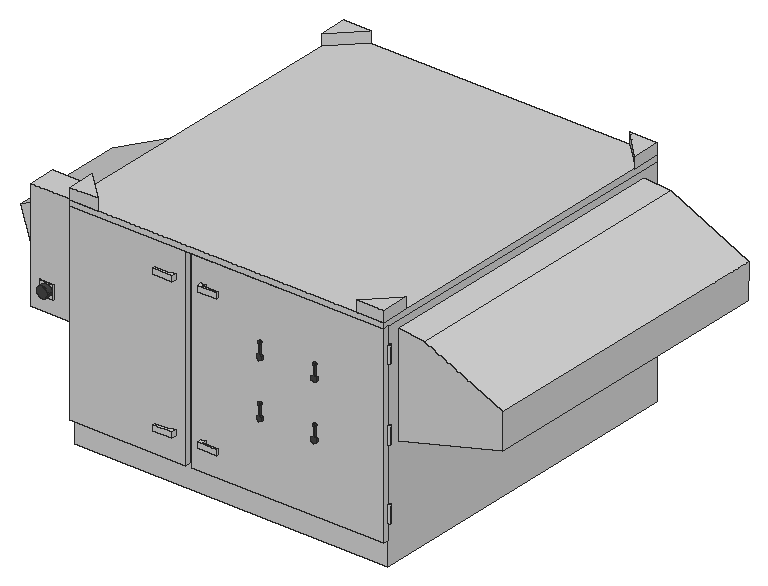
Revit family "HE3XRTV_FEB23", category Mechanical Equipment, Revit 2019
Family settings
  Round Connector Dimension = Use Diameter
  Part Type = Normal
  OmniClass Number = 23.75.00.00
  OmniClass Title = Climate Control (HVAC)
  Work Plane-Based = No
  Always vertical = Yes
  Cut with Voids When Loaded = No
  Shared = No
  Room Calculation Point = No
Parameters (values of type "2.0 HP 120V Single Phase")
  Voltage = "120"
  Ventilation Type = "Static Plate, Heat and Humidity Transfer"
  Unit Width = "63-1/4\""
  Unit Weight = "700-972 lbs."
  Unit Length = "94\""
  Unit Height = "44\""
  Unit = Metal - RenewAire - Anodized - Gray Text
  URL = "www.renewaire.com"
  Typical Airflow Range = "750-3,300 CFM"
  Standard Features = "TEFC Premium efficiency motors, Motor starters, Non-Fused Disconnect, 24VAC Transformer/Relay Package"
  Shipping Weight = "1,067 lbs."
  Service Area Visibility = no
  Service Area Box = Interference - RenewAire - Smooth - Light - Gold
  Revit Object Download Link = ""
  Phase = "Single"
  Options = "Integrated programmable controls, Fused disconnect, Double wall construction, Factory supplied and mounted variable frequency drives (VFDs) – one or both airstreams, Class 1 low leakage motorized isolation dampers – OA, RA or both airstreams, Qty. 2 Factory mounted filter alarms, Exterior Paint - white, custom colors"
  Number Motors = "Qty. 2, Belt drive blower/standard motor packages with adjustable sheaves"
  Model = "HE3XRTV"
  Minimum Circuit Amps = "45.0 A"
  Maximum Overcurrent Protection = "60 A"
  Max. Shipping Width = "70\""
  Max. Shipping Length = "80\""
  Max. Shipping Height = "67\""
  Manufacturer = "RenewAire LLC"
  Frequency = "60 HZ"
  FLA per Motor = "20.0"
  Description = "Energy Recovery Ventilator"
  Connector Base Material = Glass - With - Transparency
  Accessories = "Filters - MERV 13, 2\" (shipped loose),Roof curb - standard 14\", Curb wind clip, Engineered combo curb for Carrier RTU, Engineered combo curb for Trane RTU, Digital time clock - wall mount(TC7D-W), in exterior enclosure (TC7D-E), Motion occupancy control - ceiling mount(MC-C), wall mount(MC-W), Carbon dioxide control - wall mount (CO2-W), duct mount(CO2-D), Electric duct heater – EK series (1-60 KW), EH series (61-175kW); designed for indoor ductwork installation only, Indirect gas-fired duct furnace - GH Series (50-400 MBH), installed downstream of any fans"
  AHRI 1060 Certified Core = "Three L125-G5"
Types (13): name | Voltage | Phase | Options | Model | Minimum Circuit Amps | Maximum Overcurrent Protection | FLA per Motor | Accessories
  (no name) | "120" | "Single" | "Integrated programmable controls, Fused disconnect, Double wall construction, Factory supplied and mounted variable frequency drives (VFDs) – one or both airstreams, Class 1 low leakage motorized isolation dampers – OA, RA or both airstreams, Qty. 2 Factory mounted filter alarms, Exterior Paint - white, custom colors" | "HE3XRTV" | "45.0 A" | "60 A" | "20.0" | "Filters - MERV 13, 2\" (shipped loose),Roof curb - standard 14\", Curb wind clip, Engineered combo curb for Carrier RTU, Engineered combo curb for Trane RTU, Digital time clock - wall mount(TC7D-W), in exterior enclosure (TC7D-E), Motion occupancy control - ceiling mount(MC-C), wall mount(MC-W), Carbon dioxide control - wall mount (CO2-W), duct mount(CO2-D), Electric duct heater – EK series (1-60 KW), EH series (61-175kW); designed for indoor ductwork installation only, Indirect gas-fired duct furnace - GH Series (50-400 MBH), installed downstream of any fans"
  2.0 HP 120V Single Phase | "120" | "Single" | "Integrated programmable controls, Fused disconnect, Double wall construction, Factory supplied and mounted variable frequency drives (VFDs) – one or both airstreams, Class 1 low leakage motorized isolation dampers – OA, RA or both airstreams, Qty. 2 Factory mounted filter alarms, Exterior Paint - white, custom colors" | "HE3XRTV" | "45.0 A" | "60 A" | "20.0" | "Filters - MERV 13, 2\" (shipped loose),Roof curb - standard 14\", Curb wind clip, Engineered combo curb for Carrier RTU, Engineered combo curb for Trane RTU, Digital time clock - wall mount(TC7D-W), in exterior enclosure (TC7D-E), Motion occupancy control - ceiling mount(MC-C), wall mount(MC-W), Carbon dioxide control - wall mount (CO2-W), duct mount(CO2-D), Electric duct heater – EK series (1-60 KW), EH series (61-175kW); designed for indoor ductwork installation only, Indirect gas-fired duct furnace - GH Series (50-400 MBH), installed downstream of any fans"
  2.0 HP 208-230V Single Phase | "208-230" | "Single" | "Integrated programmable controls, Fused disconnect, Double wall construction, Factory supplied and mounted variable frequency drives (VFDs) – one or both airstreams, Class 1 low leakage motorized isolation dampers – OA, RA or both airstreams, Qty. 2 Factory mounted filter alarms, Exterior Paint - white, custom colors" | "HE3XRTV" | "24.3 A" | "35 A" | "10.8-10.0" | "Filters - MERV 13, 2\" (shipped loose),Roof curb - standard 14\", Curb wind clip, Engineered combo curb for Carrier RTU, Engineered combo curb for Trane RTU, Digital time clock - wall mount(TC7D-W), in exterior enclosure (TC7D-E), Motion occupancy control - ceiling mount(MC-C), wall mount(MC-W), Carbon dioxide control - wall mount (CO2-W), duct mount(CO2-D), Electric duct heater – EK series (1-60 KW), EH series (61-175kW); designed for indoor ductwork installation only, Indirect gas-fired duct furnace - GH Series (50-400 MBH), installed downstream of any fans"
  2.0 HP 208-230V Three Phase | "208-230" | "Three" | "Integrated programmable controls, Fused disconnect, Double wall construction, Factory supplied and mounted variable frequency drives (VFDs) – one or both airstreams, Class 1 low leakage motorized isolation dampers – OA, RA or both airstreams, Qty. 2 Factory mounted filter alarms, Exterior Paint - white, custom colors" | "HE3XRTV" | "14.9 A" | "20 A" | "6.6-5.8" | "Filters - MERV 13, 2\" (shipped loose),Roof curb - standard 14\", Curb wind clip, Engineered combo curb for Carrier RTU, Engineered combo curb for Trane RTU, Digital time clock - wall mount(TC7D-W), in exterior enclosure (TC7D-E), Motion occupancy control - ceiling mount(MC-C), wall mount(MC-W), Carbon dioxide control - wall mount (CO2-W), duct mount(CO2-D), Electric duct heater – EK series (1-60 KW), EH series (61-175kW); designed for indoor ductwork installation only, Indirect gas-fired duct furnace - GH Series (50-400 MBH), installed downstream of any fans"
  2.0 HP 460V Three Phase | "460" | "Three" | "Integrated programmable controls, Fused disconnect, Double wall construction, Factory supplied and mounted variable frequency drives (VFDs) – one or both airstreams, Class 1 low leakage motorized isolation dampers – OA, RA or both airstreams, Qty. 2 Factory mounted filter alarms, Exterior Paint - white, custom colors" | "HE3XRTV" | "6.5 A" | "15 A" | "2.9" | "Filters - MERV 13, 2\" (shipped loose),Roof curb - standard 14\", Curb wind clip, Engineered combo curb for Carrier RTU, Engineered combo curb for Trane RTU, Digital time clock - wall mount(TC7D-W), in exterior enclosure (TC7D-E), Motion occupancy control - ceiling mount(MC-C), wall mount(MC-W), Carbon dioxide control - wall mount (CO2-W), duct mount(CO2-D), Electric duct heater – EK series (1-60 KW), EH series (61-175kW); designed for indoor ductwork installation only, Indirect gas-fired duct furnace - GH Series (50-400 MBH), installed downstream of any fans\\"
  2.0 HP 575V Three Phase | "575" | "Three" | "Integrated programmable controls, Fused disconnect, Double wall construction, Factory supplied and mounted variable frequency drives (VFDs) – one or both airstreams, Class 1 low leakage motorized isolation dampers – OA, RA or both airstreams, Qty. 2 Factory mounted filter alarms, Exterior Paint - white, custom colors" | "HE3XRTV" | "5.4 A" | "15 A" | "2.4" | "Filters - MERV 13, 2\" (shipped loose),Roof curb - standard 14\", Curb wind clip, Engineered combo curb for Carrier RTU, Engineered combo curb for Trane RTU, Digital time clock - wall mount(TC7D-W), in exterior enclosure (TC7D-E), Motion occupancy control - ceiling mount(MC-C), wall mount(MC-W), Carbon dioxide control - wall mount (CO2-W), duct mount(CO2-D), Electric duct heater – EK series (1-60 KW), EH series (61-175kW); designed for indoor ductwork installation only, Indirect gas-fired duct furnace - GH Series (50-400 MBH), installed downstream of any fans"
  3.0 HP 208-230V Single Phase | "208-230" | "Single" | "Integrated programmable controls, Fused disconnect, Double wall construction, Factory supplied and mounted variable frequency drives (VFDs) – one or both airstreams, Class 1 low leakage motorized isolation dampers – OA, RA or both airstreams, Qty. 2 Factory mounted filter alarms, Exterior Paint - white, custom colors" | "HE3XRTV" | "33.1 A" | "40 A" | "14.7-14" | "Filters - MERV 13, 2\" (shipped loose),Roof curb - standard 14\", Curb wind clip, Engineered combo curb for Carrier RTU, Engineered combo curb for Trane RTU, Digital time clock - wall mount(TC7D-W), in exterior enclosure (TC7D-E), Motion occupancy control - ceiling mount(MC-C), wall mount(MC-W), Carbon dioxide control - wall mount (CO2-W), duct mount(CO2-D), Electric duct heater – EK series (1-60 KW), EH series (61-175kW); designed for indoor ductwork installation only, Indirect gas-fired duct furnace - GH Series (50-400 MBH), installed downstream of any fans"
  3.0 HP 208-230V Three Phase | "208-230" | "Three" | "Integrated programmable controls, Fused disconnect, Double wall construction, Factory supplied and mounted variable frequency drives (VFDs) – one or both airstreams, Class 1 low leakage motorized isolation dampers – OA, RA or both airstreams, Qty. 2 Factory mounted filter alarms, Exterior Paint - white, custom colors" | "HE3XRTV" | "21.1 A" | "25 A" | "9.4-8.5" | "Filters - MERV 13, 2\" (shipped loose),Roof curb - standard 14\", Curb wind clip, Engineered combo curb for Carrier RTU, Engineered combo curb for Trane RTU, Digital time clock - wall mount(TC7D-W), in exterior enclosure (TC7D-E), Motion occupancy control - ceiling mount(MC-C), wall mount(MC-W), Carbon dioxide control - wall mount (CO2-W), duct mount(CO2-D), Electric duct heater – EK series (1-60 KW), EH series (61-175kW); designed for indoor ductwork installation only, Indirect gas-fired duct furnace - GH Series (50-400 MBH), installed downstream of any fans"
  3.0 HP 460V Three Phase | "460" | "Three" | "Integrated programmable controls, Fused disconnect, Double wall construction, Factory supplied and mounted variable frequency drives (VFDs) – one or both airstreams, Class 1 low leakage motorized isolation dampers – OA, RA or both airstreams, Qty. 2 Factory mounted filter alarms, Exterior Paint - white, custom colors\r\nIntegrated programmable controls, Fused disconnect, Double wall construction, Factory supplied and mounted variable frequency drives (VFDs) – one or both airstreams, Class 1 low leakage motorized isolation dampers – OA, EA or both airstreams, Qty. 2 Factory mounted filter alarms, Exterior Paint - white, custom colors" | "HE3XRTV" | "9.5 A" | "15 A" | "4.2" | "Filters - MERV 13, 2\" (shipped loose),Roof curb - standard 14\", Curb wind clip, Engineered combo curb for Carrier RTU, Engineered combo curb for Trane RTU, Digital time clock - wall mount(TC7D-W), in exterior enclosure (TC7D-E), Motion occupancy control - ceiling mount(MC-C), wall mount(MC-W), Carbon dioxide control - wall mount (CO2-W), duct mount(CO2-D), Electric duct heater – EK series (1-60 KW), EH series (61-175kW); designed for indoor ductwork installation only, Indirect gas-fired duct furnace - GH Series (50-400 MBH), installed downstream of any fans"
  3.0 HP 575V Three Phase | "575" | "Three" | "Integrated programmable controls, Fused disconnect, Double wall construction, Factory supplied and mounted variable frequency drives (VFDs) – one or both airstreams, Class 1 low leakage motorized isolation dampers – OA, RA or both airstreams, Qty. 2 Factory mounted filter alarms, Exterior Paint - white, custom colors" | "HE3XRTV" | "7.4 A" | "15 A" | "3.3" | "Filters - MERV 13, 2\" (shipped loose),Roof curb - standard 14\", Curb wind clip, Engineered combo curb for Carrier RTU, Engineered combo curb for Trane RTU, Digital time clock - wall mount(TC7D-W), in exterior enclosure (TC7D-E), Motion occupancy control - ceiling mount(MC-C), wall mount(MC-W), Carbon dioxide control - wall mount (CO2-W), duct mount(CO2-D), Electric duct heater – EK series (1-60 KW), EH series (61-175kW); designed for indoor ductwork installation only, Indirect gas-fired duct furnace - GH Series (50-400 MBH), installed downstream of any fans\r\nFilters - MERV 13, 2\" (shipped loose),Roof curb - standard 14\", Curb wind clip, Engineered combo curb for Carrier RTU, Engineered combo curb for Trane RTU, Digital time clock - wall mount(TC7D-W), in exterior enclosure (TC7D-E), Motion occupancy control - ceiling mount(MC-C), wall mount(MC-W), Carbon dioxide control - wall mount (CO2-W), duct mount(CO2-D), Electric duct heater – EK series (1-60 KW); designed for indoor ductwork installation only, Indirect gas-fired duct furnace - GH Series (50-400 MBH), installed downstream of any fans"
  5.0 HP 208-230V Three Phase | "208-230" | "Three" | "Integrated programmable controls, Fused disconnect, Double wall construction, Factory supplied and mounted variable frequency drives (VFDs) – one or both airstreams, Class 1 low leakage motorized isolation dampers – OA, RA or both airstreams, Qty. 2 Factory mounted filter alarms, Exterior Paint - white, custom colors" | "HE3XRTV" | "32.6 A" | "45 A" | "14.5-13.4" | "Filters - MERV 13, 2\" (shipped loose),Roof curb - standard 14\", Curb wind clip, Engineered combo curb for Carrier RTU, Engineered combo curb for Trane RTU, Digital time clock - wall mount(TC7D-W), in exterior enclosure (TC7D-E), Motion occupancy control - ceiling mount(MC-C), wall mount(MC-W), Carbon dioxide control - wall mount (CO2-W), duct mount(CO2-D), Electric duct heater – EK series (1-60 KW), EH series (61-175kW); designed for indoor ductwork installation only, Indirect gas-fired duct furnace - GH Series (50-400 MBH), installed downstream of any fans"
  5.0 HP 460V Three Phase | "460" | "Three" | "Integrated programmable controls, Fused disconnect, Double wall construction, Factory supplied and mounted variable frequency drives (VFDs) – one or both airstreams, Class 1 low leakage motorized isolation dampers – OA, RA or both airstreams, Qty. 2 Factory mounted filter alarms, Exterior Paint - white, custom colors" | "HE3XRTV" | "15.1 A" | "20 A" | "6.7" | "Filters - MERV 13, 2\" (shipped loose),Roof curb - standard 14\", Curb wind clip, Engineered combo curb for Carrier RTU, Engineered combo curb for Trane RTU, Digital time clock - wall mount(TC7D-W), in exterior enclosure (TC7D-E), Motion occupancy control - ceiling mount(MC-C), wall mount(MC-W), Carbon dioxide control - wall mount (CO2-W), duct mount(CO2-D), Electric duct heater – EK series (1-60 KW), EH series (61-175kW); designed for indoor ductwork installation only, Indirect gas-fired duct furnace - GH Series (50-400 MBH), installed downstream of any fans"
  5.0 HP 575V Three Phase | "575" | "Three" | "Integrated programmable controls, Fused disconnect, Double wall construction, Factory supplied and mounted variable frequency drives (VFDs) – one or both airstreams, Class 1 low leakage motorized isolation dampers – OA, RA or both airstreams, Qty. 2 Factory mounted filter alarms, Exterior Paint - white, custom colors" | "HE 3XRTV" | "11.9 A" | "15 A" | "5.3" | "Filters - MERV 13, 2\" (shipped loose),Roof curb - standard 14\", Curb wind clip, Engineered combo curb for Carrier RTU, Engineered combo curb for Trane RTU, Digital time clock - wall mount(TC7D-W), in exterior enclosure (TC7D-E), Motion occupancy control - ceiling mount(MC-C), wall mount(MC-W), Carbon dioxide control - wall mount (CO2-W), duct mount(CO2-D), Electric duct heater – EK series (1-60 KW), EH series (61-175kW); designed for indoor ductwork installation only, Indirect gas-fired duct furnace - GH Series (50-400 MBH), installed downstream of any fans"
Reference planes (in)
  plane 1 "Center (Front/Back)": y = 0
  plane 2: z = 0
  plane 3 "Center (Left/Right)": x = 0
Forms (in)
  Extrusion 1, solid, material "Metal - RenewAire - Anodized - Gray Text" <- "Unit"
    sketch origin (0, 0, 0) x (1, 0, 0) y (0, 0, 1)
      loop
        line (-28.5625, 0) -> (28.5625, 0) -> (28.5625, 39.25) -> (-28.5625, 39.25) -> (-28.5625, 0)
    from 30.125 to -31.125
  Extrusion 2, solid, material "Metal - RenewAire - Anodized - Gray Text"
    sketch origin (0, 0, 0) x (1, 0, 0) y (0, 0, 1)
      loop
        line (-28.5625, 39.25) -> (28.5625, 39.25) -> (28.5625, 40.25) -> (-28.5625, 40.25) -> (-28.5625, 39.25)
    from 31.125 to -31.125
  Extrusion 3, solid, material "Metal - RenewAire - Anodized - Gray Text"
    sketch origin (0, 0, 0) x (1, 0, 0) y (0, 0, 1)
      loop
        line (-6.4375, 39.25) -> (-6.4375, 4.25) -> (28.5625, 4.25) -> (28.5625, 39.25) -> (-6.4375, 39.25)
      loop
        line (-28.5625, 39.25) -> (-28.5625, 4.25) -> (-7.5625, 4.25) -> (-7.5625, 39.25) -> (-28.5625, 39.25)
    from 31.125 to 30.125
  Extrusion 4, solid, material "Metal - RenewAire - Anodized - Gray Text"
    sketch origin (0, 0, 0) x (1, 0, 0) y (0, 1, 0)
      loop
        circle (-28.8125, -30.125) r 0.25
      loop
        circle (28.8125, -30.125) r 0.25
    from 10.25 to 7.25
  Extrusion 5, solid, material "Metal - RenewAire - Anodized - Gray Text"
    sketch origin (0, 0, 0) x (1, 0, 0) y (0, 1, 0)
      loop
        circle (-28.8125, -30.125) r 0.25
      loop
        circle (28.8125, -30.125) r 0.25
    from 36.25 to 33.25
  Extrusion 6, solid, material "Metal - RenewAire - Anodized - Gray Text"
    sketch origin (0, 0, 0) x (1, 0, 0) y (0, 1, 0)
      loop
        circle (-28.8125, -30.125) r 0.25
      loop
        circle (28.8125, -30.125) r 0.25
    from 23.125 to 20.125
  Extrusion 7, solid, material "Metal - RenewAire - Anodized - Gray Text"
    sketch origin (0, 0, 0) x (1, 0, 0) y (0, 1, 0)
      loop
        line (-4.6875, -31.125) -> (-4.6875, -32) -> (-1.1875, -32) -> (-1.1875, -31.625) -> (-3.9375, -31.625) -> (-3.9375, -31.125) -> (-4.6875, -31.125)
      loop
        line (-9.3125, -31.125) -> (-10.0625, -31.125) -> (-10.0625, -31.625) -> (-12.8125, -31.625) -> (-12.8125, -32) -> (-9.3125, -32) -> (-9.3125, -31.125)
    from 9.5 to 8.5
  Extrusion 8, solid, material "Metal - RenewAire - Anodized - Gray Text"
    sketch origin (0, 0, 0) x (1, 0, 0) y (0, 1, 0)
      loop
        line (-4.6875, -31.125) -> (-4.6875, -32) -> (-1.1875, -32) -> (-1.1875, -31.625) -> (-3.9375, -31.625) -> (-3.9375, -31.125) -> (-4.6875, -31.125)
      loop
        line (-9.3125, -31.125) -> (-10.0625, -31.125) -> (-10.0625, -31.625) -> (-12.8125, -31.625) -> (-12.8125, -32) -> (-9.3125, -32) -> (-9.3125, -31.125)
    from 35 to 34
  Extrusion 9, solid, material "Metal - RenewAire - Anodized - Gray Text"
    sketch origin (0, 0, 0) x (1, 0, 0) y (0, 0, 1)
      loop
        line (-28.5625, 37.5) -> (-38.875, 37.5) -> (-38.875, 17.5) -> (-28.5625, 17.5) -> (-28.5625, 37.5)
    from 27.125 to 22.125
  Extrusion 10, solid, material "Metal - RenewAire - Anodized - Gray Text"
    sketch origin (0, 0, 0) x (1, 0, 0) y (0, 0, 1)
      loop
        line (-37.25, 22.5) -> (-37.25, 20) -> (-34.75, 20) -> (-34.75, 22.5) -> (-37.25, 22.5)
    from 27.25 to 27.125
  Extrusion 11, solid, material "MonitorPorts"
    sketch origin (0, 0, 0) x (1, 0, 0) y (0, 0, 1)
      loop
        circle (-36, 21.25) r 1
    from 28.25 to 27.125
  Extrusion 12, solid, material "Interference - RenewAire - Smooth - Light - Gold" <- "Service Area Box", visible <- "Service Area Visibility"
    sketch origin (0, 0, 0) x (1, 0, 0) y (0, 0, 1)
      loop
        line (28.5625, 40.25) -> (-37.0625, 40.25) -> (-37.0625, 0) -> (28.5625, 0) -> (28.5625, 40.25)
    from 64.875 to 31.125
  Extrusion 13, solid, material "Metal - RenewAire - Anodized - Gray Text" <- "Unit"
    sketch origin (0, 0, 0) x (1, 0, 0) y (0, 1, 0)
      loop
        line (-28.5625, 31.125) -> (-28.5625, 26.125) -> (-23.5625, 31.125) -> (-28.5625, 31.125)
      loop
        line (-28.5625, -31.125) -> (-23.5625, -31.125) -> (-28.5625, -26.125) -> (-28.5625, -31.125)
      loop
        line (28.5625, -31.125) -> (28.5625, -26.125) -> (23.5625, -31.125) -> (28.5625, -31.125)
      loop
        line (28.5625, 31.125) -> (23.5625, 31.125) -> (28.5625, 26.125) -> (28.5625, 31.125)
    from 42.25 to 40.25
  Extrusion 14, solid, material "Metal - RenewAire - Anodized - Gray Text"
    sketch origin (0, 0, 0) x (-1, 0, 0) y (0, 0, -1)
      loop
        line (-28.5625, -38) -> (-28.5625, -19.59875) -> (-47.6875, -24.59875) -> (-47.6875, -31) -> (-33.5625, -37.5) -> (-28.5625, -38)
    from 28 to -28
  Extrusion 15, solid, material "Metal - RenewAire - Anodized - Gray Text"
    sketch origin (0, 0, 0) x (1, 0, 0) y (0, 0, 1)
      loop
        line (-28.5625, 21) -> (-28.5625, 37.75) -> (-45.5625, 29.25) -> (-42.8125, 21) -> (-28.5625, 21)
    from 21.25 to 0.25
  Extrusion 16, void
    sketch origin (0, 0, 0) x (1, 0, 0) y (0, 1, 0)
      loop
        line (-28.0625, 30.625) -> (-28.0625, -29.625) -> (28.0625, -29.625) -> (28.0625, 30.625) -> (-28.0625, 30.625)
    from 4.625 to -0.74714
  Extrusion 17, void
    sketch origin (0, 0, 0) x (1, 0, 0) y (0, 1, 0)
      loop
        line (13.5625, 25.625) -> (13.5625, -16.375) -> (23.5625, -16.375) -> (23.5625, 25.625) -> (13.5625, 25.625)
    from 4 to 4.75
  Extrusion 18, void
    sketch origin (0, 3, 0) x (1, 0, 0) y (0, 1, 0)
      loop
        line (-18.5, -7.75) -> (-18.5, -19.75) -> (-11.625, -19.75) -> (-11.625, -7.75) -> (-18.5, -7.75)
    from 4 to 4.75
Cuts and joins
  Extrusion 16, Extrusion 17, Extrusion 18 cuts Extrusion 1
Dimensions and locks (in)
  Extrusion 2 to Extrusion 3 sketch curve to Extrusion 3 sketch curve = 1' - 9", 3' - 0 1/8"
  aligned and locked: level to plane 2
Nested families (in)
  nested 1: "Monitoring Port" at (16.0625, -31.125, 19.472) x (-1, 0, 0) z (0, 0, -1), type "Monitoring Port"
  nested 2: "Monitoring Port" at (6.0625, -31.125, 19.472) x (-1, 0, 0) z (0, 0, -1), type "Monitoring Port"
  nested 3: "Monitoring Port" at (16.0625, -31.125, 29.472) x (-1, 0, 0) z (0, 0, -1), type "Monitoring Port"
  nested 4: "Monitoring Port" at (6.0625, -31.125, 29.472) x (-1, 0, 0) z (0, 0, -1), type "Monitoring Port"
Connectors (in)
  hvac at (-15.0625, -10.75, 4.75)
    settings: on cut or joined group of Extrusion 1, Extrusion 16, Extrusion 17, Extrusion 18, index 2, duct flow 0 CFM, flow factor 0, pres drop 0.00 in-wg, loss coef 0, conn angle 0.00°, conn width 12", conn height 6 7/8", conn diameter 24", duct sys type 1, conn prof type 1, flow config 0, flow direction 2, loss method 0, conn ref index -1, conn util no, is conn primary yes, conn desc "FA (Fresh Air)"
  hvac at (18.5625, 4.625, 4.75)
    settings: on cut or joined group of Extrusion 1, Extrusion 16, Extrusion 17, Extrusion 18, index 3, duct flow 0 CFM, flow factor 0, pres drop 0.00 in-wg, loss coef 0, conn angle 0.00°, conn width 42", conn height 10", conn diameter 24", duct sys type 2, conn prof type 1, flow config 0, flow direction 1, loss method 0, conn ref index -1, conn util no, is conn primary no, conn desc "RA (Return Air)"
Definition of nested family "Monitoring Port"
  Parameters
    URL = "www.renewaire.com"
    Revit Object Download Link = ""
    Model = ""
    Manufacturer = "RenewAire LLC"
    Description = "Monitoring Ports"
  Reference planes (in)
    plane 1 "Center (Front/Back)": y = 0
    plane 2: z = 0
    plane 3 "Center (Left/Right)": x = 0
  Forms (in)
    Extrusion 1, solid
      sketch origin (-9.43348, 0, 37.76669) x (-1, 0, 0) y (0, 0, -1)
        loop
          line (-9.53348, 35.65895) -> (-9.94097, 35.42369) -> (-9.94097, 34.83769) -> (-9.43348, 34.54469) -> (-8.92599, 34.83769) -> (-8.92599, 35.42369) -> (-9.33348, 35.65895) -> (-9.33348, 37.28756)
          arc (-9.33348, 37.28756) -> (-9.43348, 37.76669) -> (-9.53348, 37.28756) r 0.25
          line (-9.53348, 37.28756) -> (-9.53348, 35.65895)
      from 0 to 0.25
  Dimensions and locks (in)
    aligned and locked: level to plane 2
